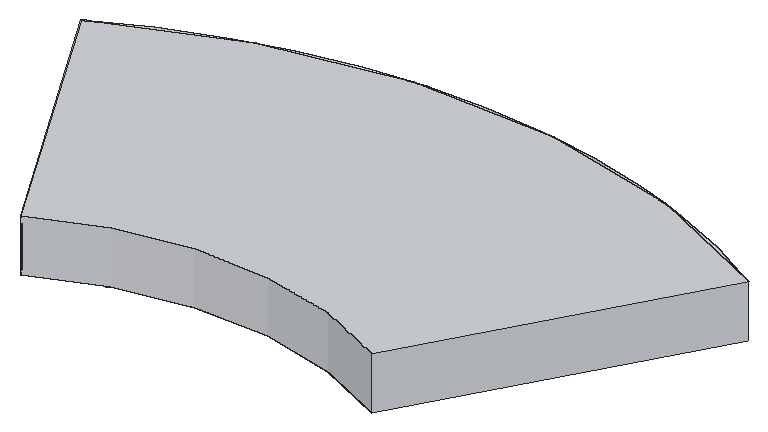
Revit family "FK073-38x18x3-Z", category Furniture, Revit 2019
Family settings
  OmniClass Number = 23.40.20.00
  OmniClass Title = General Furniture and Specialties
  Work Plane-Based = No
  Always vertical = Yes
  Cut with Voids When Loaded = No
  Shared = No
  Room Calculation Point = No
Parameters (values of type "FK073-38X18X3-Z")
  URL = "https://fomcore.com/"
  Type Comments = "Lotus Series"  # constant formula
  Side = none
  Seat = none
  Model = "FK073-38x18x3-Z"
  Manufacturer = "Fomcore"  # constant formula
  Description = "3\" Curve 60 Floor Pad, 38\"Lx18\"Wx3\"H, Zippered (Minimum Order of 10 Quantity)"
Reference planes (in)
  plane 1 "Center Front/Back": y = 0
  plane 2: z = 0
  plane 3 "Center Left/Right": x = 0
Forms (in)
  Blend 1, solid, material <- "Seat"
    base sketch origin (0, 0, 0) x (1, 0, 0) y (0, 1, 0)
      loop
        arc (-10, -10.31823) -> (0, -7.66324) -> (10, -10.31823) r 20.15999
        line (10, -10.31823) -> (19, 5.27023)
        arc (19, 5.27023) -> (0, 10.31823) -> (-19, 5.27023) r 38.28077
        line (-19, 5.27023) -> (-10, -10.31823)
    top sketch origin (0, 0, 0) x (1, 0, 0) y (0, 1, 0)
      loop
        arc (-9.88812, -9.91044) -> (0, -7.36246) -> (9.88812, -9.91044) r 20.46077
        line (9.88812, -9.91044) -> (18.58789, 5.15799)
        arc (18.58789, 5.15799) -> (0, 10.01744) -> (-18.58789, 5.15799) r 37.97999
        line (-18.58789, 5.15799) -> (-9.88812, -9.91044)
    from 3 to 2.8811
  Blend 2, solid, material <- "Seat"
    base sketch origin (0, 0, 3) x (0, -1, 0) y (1, 0, 0)
      loop
        arc (-5.27023, 19) -> (-10.31823, 0) -> (-5.27023, -19) r 38.28077
        line (-5.27023, -19) -> (10.31823, -10)
        arc (10.31823, -10) -> (7.66324, 0) -> (10.31823, 10) r 20.15999
        line (10.31823, 10) -> (-5.27023, 19)
    top sketch origin (0, 0, 3) x (0, -1, 0) y (1, 0, 0)
      loop
        arc (9.91044, -9.88812) -> (7.36246, 0) -> (9.91044, 9.88812) r 20.46077
        line (9.91044, 9.88812) -> (-5.15799, 18.58789)
        arc (-5.15799, 18.58789) -> (-10.01744, 0) -> (-5.15799, -18.58789) r 37.97999
        line (-5.15799, -18.58789) -> (9.91044, -9.88812)
    from -3 to -2.90715
  Sweep 3, solid, material <- "Side"
    path origin (0, 0, 0) x (1, 0, 0) y (0, 1, 0)
      loop
        arc (-10, -10.31823) -> (0, -7.66324) -> (10, -10.31823) r 20.15999
        line (10, -10.31823) -> (19, 5.27023)
        arc (19, 5.27023) -> (0, 10.31823) -> (-19, 5.27023) r 38.28077
        line (-19, 5.27023) -> (-10, -10.31823)
    profile origin (-14.5, -2.524, 0) x (-0.866025, -0.5, 0) y (0, 0, 1)
      loop
        line (0, 0) -> (0, 3) -> (-0.05812, 2.78309) -> (-0.05812, 0.25765) -> (0, 0)
Lines and regions (in)
  model lines
    curve 1: line (0, 0, 0) -> (0, 10.31823, 0)
Dimensions and locks (in)
  aligned and locked: level to plane 2
